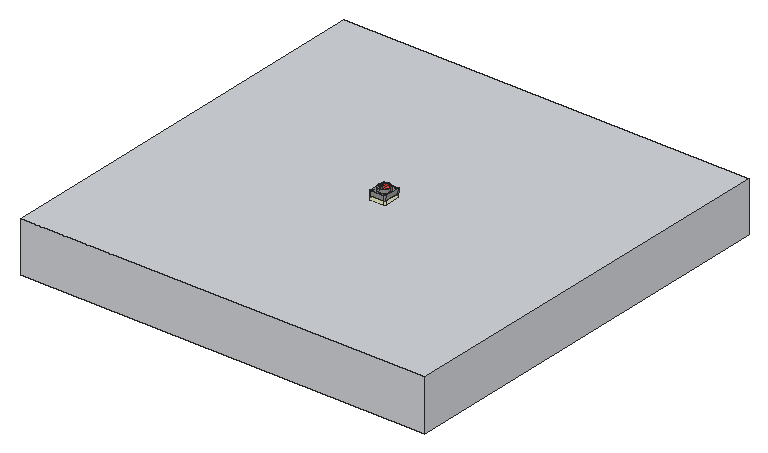
Revit family "EP_TPN Wall Switch", category Electrical Fixtures, host Face, Revit 2013
Parameters (values of type "TPN Wall Switch")
  Voltage = 230 V
  Load Classification = Single Socket
  Load = 300 W
  Glass = Glass, Clear Glazing, Low E
  Default Elevation = 1200 mm
  Clip = Clipsal Cream (CM)
Reference planes
  plane 1 "Center (Front/Back)": y = 0
  plane 2: z = 0
  plane 3 "Center (Left/Right)": x = 0
  plane 4: x = -50
  plane 5: x = 50
  plane 6: y = 55
  plane 7: y = -55
  plane 8: y = 85
  plane 9: x = -47
  plane 10: x = 47
  plane 11: z = 25
  plane 12 "Top": z = 50
  plane 13: y = 52
  plane 14: y = -52
  plane 15: x = -5
  plane 16: x = 5
Forms (mm)
  Extrusion 1, solid
    sketch origin (0, 0, 0) x (1, 0, 0) y (0, 1, 0)
      loop
        line (-1219.2, 1219.2) -> (-1219.2, -1219.2) -> (1219.2, -1219.2) -> (1219.2, 1219.2) -> (-1219.2, 1219.2)
    from 0 to -304.8
  Extrusion 2, solid, material "Default Light Source"
    sketch origin (0, 0, 0) x (1, 0, 0) y (0, 1, 0)
      loop
        line (-42, -55) -> (42, -55)
        arc (42, -55) -> (47.657, -52.657) -> (50, -47) r 8
        line (50, -47) -> (50, 47)
        arc (50, 47) -> (47.657, 52.657) -> (42, 55) r 8
        line (42, 55) -> (-42, 55)
        arc (-42, 55) -> (-47.657, 52.657) -> (-50, 47) r 8
        line (-50, 47) -> (-50, -47)
        arc (-50, -47) -> (-47.657, -52.657) -> (-42, -55) r 8
    from 0 to 25
  Extrusion 3, solid, material "Plastic Yellow"
    sketch origin (0, -47.557, 0) x (1, 0, 0) y (0, 1, 0)
      loop
        line (-41, -4.443) -> (41, -4.443)
        arc (41, -4.443) -> (45.243, -2.685) -> (47, 1.557) r 6
        line (47, 1.557) -> (47, 93.557)
        arc (47, 93.557) -> (45.243, 97.8) -> (41, 99.557) r 6
        line (41, 99.557) -> (-41, 99.557)
        arc (-41, 99.557) -> (-45.243, 97.8) -> (-47, 93.557) r 6
        line (-47, 93.557) -> (-47, 1.557)
        arc (-47, 1.557) -> (-45.243, -2.685) -> (-41, -4.443) r 6
    from 25 to 50
  Extrusion 4, solid, material "Plastic Yellow"
    sketch origin (0, 0, 50) x (-1, 0, 0) y (0, -1, 0)
      loop
        circle (0, 0) r 35
      loop
        circle (0, 0) r 28
    from 0 to 15
  Extrusion 5, void
    sketch origin (2.605, 0, 50) x (-1, 0, 0) y (0, -1, 0)
      loop
        circle (38.719, -41.985) r 4
    from 0 to -20
  Extrusion 6, void
    sketch origin (-2.605, 0, 50) x (1, 0, 0) y (0, 1, 0)
      loop
        circle (38.719, 41.985) r 4
    from 0 to -20
  Extrusion 7, void
    sketch origin (2.605, 0, 50) x (-1, 0, 0) y (0, -1, 0)
      loop
        circle (38.719, 41.985) r 4
    from 0 to -20
  Extrusion 8, void
    sketch origin (-2.605, 0, 50) x (1, 0, 0) y (0, 1, 0)
      loop
        circle (38.719, -41.985) r 4
    from 0 to -20
  Extrusion 9, solid, material "Plastic Red"
    sketch origin (0, 0, 50) x (-1, 0, 0) y (0, -1, 0)
      loop
        circle (0, 0) r 27
    from 0 to 15
  Extrusion 10, solid, material "Plastic Red"
    sketch origin (0, 0, 50) x (-1, 0, 0) y (0, -1, 0)
      loop
        arc (2, -27) -> (4.121, -26.121) -> (5, -24) r 3
        line (5, -24) -> (5, 24)
        arc (5, 24) -> (4.121, 26.121) -> (2, 27) r 3
        line (2, 27) -> (-2, 27)
        arc (-2, 27) -> (-4.121, 26.121) -> (-5, 24) r 3
        line (-5, 24) -> (-5, -24)
        arc (-5, -24) -> (-4.121, -26.121) -> (-2, -27) r 3
        line (-2, -27) -> (2, -27)
    from 15 to 25
Cuts and joins
  Extrusion 5, Extrusion 6, Extrusion 7, Extrusion 8 cuts Extrusion 3
Dimensions and locks
  plane 6 to plane 1 "Center (Front/Back)" to plane 7 = 55 mm, 55 mm
  plane 12 "Top" to plane 11 to Extrusion 1 = 25 mm, 25 mm
  aligned and locked: plane 2 to Extrusion 1
  aligned and locked: level to Extrusion 1
  aligned and locked: Extrusion 2 to plane 7
  aligned and locked: plane 6 to Extrusion 2
  aligned and locked: plane 11 to Extrusion 2
  aligned and locked: Extrusion 3 to Extrusion 2
  aligned and locked: plane 12 "Top" to Extrusion 3
  aligned and locked: plane 13 to Extrusion 3
  aligned and locked: Extrusion 3 to plane 14
  aligned and locked: Extrusion 3 to plane 9
  aligned and locked: plane 10 to Extrusion 3
Nested families
  nested 1: "EP_TPNWS" at (0, 0, 0), type "EP_TPNWS"
Connectors
  electrical at (0, 0, 0)
    settings: on Extrusion 2, index 1, voltage 0 V, apparent load 0 W, apparent load phase1 0 W, apparent load phase2 0 W, apparent load phase3 0 W, power factor 1, load classification "Other", number of poles 1, system type 31, power factor state 1, is connector primary yes, connector utility no, sub classification motor no, connector description ""
Definition of nested family "EP_TPNWS"
  Reference planes
    plane 1: y = 0
    plane 2: x = 0
  Lines and regions (mm)
    Filled region 1, type "Filled region 1"
      outline origin (0, 0, 0) x (1, 0, 0) y (0, 1, 0)
        loop
          circle (-0.019, 3.832) r 0.788
    Filled region 2, type "Filled region 1"
      outline origin (0, 0, 0) x (1, 0, 0) y (0, 1, 0)
        loop
          line (-1.488, 0) -> (1.464, 0) -> (1.464, 3.045) -> (-1.488, 3.045) -> (-1.488, 0)
    detail lines
      curve 1: line (-1.488, 0, 0) -> (1.464, 0, 0)
      curve 2: line (1.464, 0, 0) -> (1.464, 3.045, 0)
      curve 3: line (1.464, 3.045, 0) -> (-1.488, 3.045, 0)
      curve 4: line (-1.488, 3.045, 0) -> (-1.488, 0, 0)
